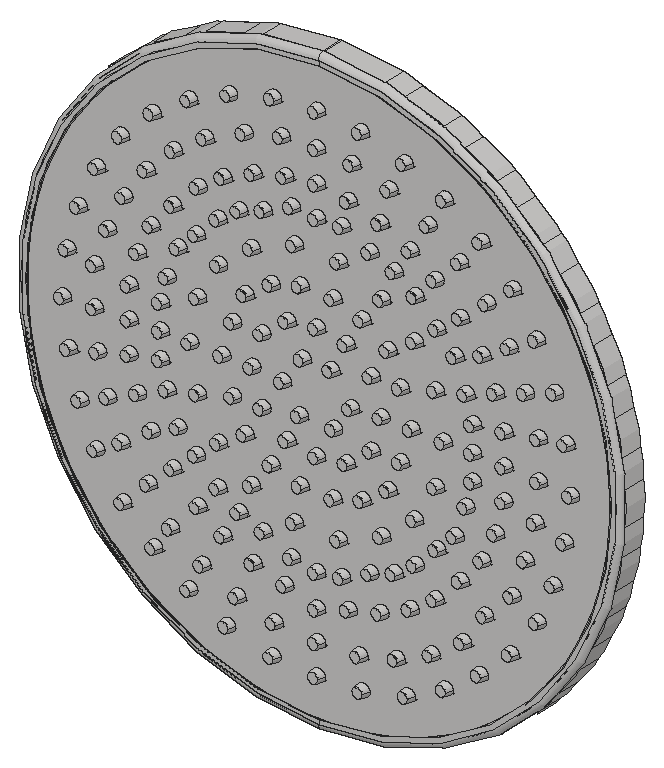
Revit family "52158-25-bim", category Plumbing Fixtures, host Face, Revit 2014 (continued)
Automatic sketch dimensions
  radius of Blend 86 sketch curve = 0.14299"
  radius of Blend 86 sketch curve = 0.09774"
  radius of Blend 87 sketch curve = 0.14299"
  radius of Blend 87 sketch curve = 0.09774"
  radius of Blend 88 sketch curve = 0.14299"
  radius of Blend 88 sketch curve = 0.09774"
  radius of Blend 89 sketch curve = 0.14299"
  radius of Blend 89 sketch curve = 0.09774"
  radius of Blend 90 sketch curve = 0.14299"
  radius of Blend 90 sketch curve = 0.09774"
  radius of Blend 91 sketch curve = 0.14299"
  radius of Blend 91 sketch curve = 0.09774"
  radius of Blend 92 sketch curve = 0.14299"
  radius of Blend 92 sketch curve = 0.09774"
  radius of Blend 93 sketch curve = 0.14299"
  radius of Blend 93 sketch curve = 0.09774"
  radius of Blend 94 sketch curve = 0.14299"
  radius of Blend 94 sketch curve = 0.09774"
  radius of Blend 95 sketch curve = 0.14299"
  radius of Blend 95 sketch curve = 0.09774"
  radius of Blend 96 sketch curve = 0.14299"
  radius of Blend 96 sketch curve = 0.09774"
  radius of Blend 97 sketch curve = 0.14299"
  radius of Blend 97 sketch curve = 0.09774"
  radius of Blend 98 sketch curve = 0.14299"
  radius of Blend 98 sketch curve = 0.09774"
  radius of Blend 99 sketch curve = 0.14299"
  radius of Blend 99 sketch curve = 0.09774"
  radius of Blend 100 sketch curve = 0.14299"
  radius of Blend 100 sketch curve = 0.09774"
  radius of Blend 101 sketch curve = 0.14299"
  radius of Blend 101 sketch curve = 0.09774"
  radius of Blend 102 sketch curve = 0.14299"
  radius of Blend 102 sketch curve = 0.09774"
  radius of Blend 103 sketch curve = 0.14299"
  radius of Blend 103 sketch curve = 0.09774"
  radius of Blend 104 sketch curve = 0.14299"
  radius of Blend 104 sketch curve = 0.09774"
  radius of Blend 105 sketch curve = 0.14299"
  radius of Blend 105 sketch curve = 0.09774"
  radius of Blend 106 sketch curve = 0.14299"
  radius of Blend 106 sketch curve = 0.09774"
  radius of Blend 107 sketch curve = 0.14299"
  radius of Blend 107 sketch curve = 0.09774"
  radius of Blend 108 sketch curve = 0.14299"
  radius of Blend 108 sketch curve = 0.09774"
  radius of Blend 109 sketch curve = 0.14299"
  radius of Blend 109 sketch curve = 0.09774"
  radius of Blend 110 sketch curve = 0.14299"
  radius of Blend 110 sketch curve = 0.09774"
  radius of Blend 111 sketch curve = 0.14299"
  radius of Blend 111 sketch curve = 0.09774"
  radius of Blend 112 sketch curve = 0.14299"
  radius of Blend 112 sketch curve = 0.09774"
  radius of Blend 113 sketch curve = 0.14299"
  radius of Blend 113 sketch curve = 0.09774"
  radius of Blend 114 sketch curve = 0.14299"
  radius of Blend 114 sketch curve = 0.09774"
  radius of Blend 115 sketch curve = 0.14299"
  radius of Blend 115 sketch curve = 0.09774"
  radius of Blend 116 sketch curve = 0.14299"
  radius of Blend 116 sketch curve = 0.09774"
  radius of Blend 117 sketch curve = 0.14299"
  radius of Blend 117 sketch curve = 0.09774"
  radius of Blend 118 sketch curve = 0.14299"
  radius of Blend 118 sketch curve = 0.09774"
  radius of Blend 119 sketch curve = 0.14299"
  radius of Blend 119 sketch curve = 0.09774"
  radius of Blend 120 sketch curve = 0.14299"
  radius of Blend 120 sketch curve = 0.09774"
  radius of Blend 121 sketch curve = 0.14299"
  radius of Blend 121 sketch curve = 0.09774"
  radius of Blend 122 sketch curve = 0.14299"
  radius of Blend 122 sketch curve = 0.09774"
  radius of Blend 123 sketch curve = 0.14299"
  radius of Blend 123 sketch curve = 0.09774"
  radius of Blend 124 sketch curve = 0.14299"
  radius of Blend 124 sketch curve = 0.09774"
  radius of Blend 125 sketch curve = 0.14299"
  radius of Blend 125 sketch curve = 0.09774"
  radius of Blend 126 sketch curve = 0.14299"
  radius of Blend 126 sketch curve = 0.09774"
  radius of Blend 127 sketch curve = 0.14299"
  radius of Blend 127 sketch curve = 0.09774"
  radius of Blend 128 sketch curve = 0.14299"
  radius of Blend 128 sketch curve = 0.09774"
  radius of Blend 129 sketch curve = 0.14299"
  radius of Blend 129 sketch curve = 0.09774"
  radius of Blend 130 sketch curve = 0.14299"
  radius of Blend 130 sketch curve = 0.09774"
  radius of Blend 131 sketch curve = 0.14299"
  radius of Blend 131 sketch curve = 0.09774"
  radius of Blend 132 sketch curve = 0.14299"
  radius of Blend 132 sketch curve = 0.09774"
  radius of Blend 133 sketch curve = 0.14299"
  radius of Blend 133 sketch curve = 0.09774"
  radius of Blend 134 sketch curve = 0.14299"
  radius of Blend 134 sketch curve = 0.09774"
  radius of Blend 135 sketch curve = 0.14299"
  radius of Blend 135 sketch curve = 0.09774"
  radius of Blend 136 sketch curve = 0.14299"
  radius of Blend 136 sketch curve = 0.09774"
  radius of Blend 137 sketch curve = 0.14299"
  radius of Blend 137 sketch curve = 0.09774"
  radius of Blend 138 sketch curve = 0.14299"
  radius of Blend 138 sketch curve = 0.09774"
  radius of Blend 139 sketch curve = 0.14299"
  radius of Blend 139 sketch curve = 0.09774"
  radius of Blend 140 sketch curve = 0.14299"
  radius of Blend 140 sketch curve = 0.09774"
  radius of Blend 141 sketch curve = 0.14299"
  radius of Blend 141 sketch curve = 0.09774"
  radius of Blend 142 sketch curve = 0.14299"
  radius of Blend 142 sketch curve = 0.09774"
  radius of Blend 143 sketch curve = 0.14299"
  radius of Blend 143 sketch curve = 0.09774"
  radius of Blend 144 sketch curve = 0.14299"
  radius of Blend 144 sketch curve = 0.09774"
  radius of Blend 145 sketch curve = 0.14299"
  radius of Blend 145 sketch curve = 0.09774"
  radius of Blend 146 sketch curve = 0.14299"
  radius of Blend 146 sketch curve = 0.09774"
  radius of Blend 147 sketch curve = 0.14299"
  radius of Blend 147 sketch curve = 0.09774"
  radius of Blend 148 sketch curve = 0.14299"
  radius of Blend 148 sketch curve = 0.09774"
  radius of Blend 149 sketch curve = 0.14299"
  radius of Blend 149 sketch curve = 0.09774"
  radius of Blend 150 sketch curve = 0.14299"
  radius of Blend 150 sketch curve = 0.09774"
  radius of Blend 151 sketch curve = 0.14299"
  radius of Blend 151 sketch curve = 0.09774"
  radius of Blend 152 sketch curve = 0.14299"
  radius of Blend 152 sketch curve = 0.09774"
  radius of Blend 153 sketch curve = 0.14299"
  radius of Blend 153 sketch curve = 0.09774"
  radius of Blend 154 sketch curve = 0.14299"
  radius of Blend 154 sketch curve = 0.09774"
  radius of Blend 155 sketch curve = 0.14299"
  radius of Blend 155 sketch curve = 0.09774"
  radius of Blend 156 sketch curve = 0.14299"
  radius of Blend 156 sketch curve = 0.09774"
  radius of Blend 157 sketch curve = 0.14299"
  radius of Blend 157 sketch curve = 0.09774"
  radius of Blend 158 sketch curve = 0.14299"
  radius of Blend 158 sketch curve = 0.09774"
  radius of Blend 159 sketch curve = 0.14299"
  radius of Blend 159 sketch curve = 0.09774"
  radius of Blend 160 sketch curve = 0.14299"
  radius of Blend 160 sketch curve = 0.09774"
  radius of Blend 161 sketch curve = 0.14299"
  radius of Blend 161 sketch curve = 0.09774"
  radius of Blend 162 sketch curve = 0.14299"
  radius of Blend 162 sketch curve = 0.09774"
  radius of Blend 163 sketch curve = 0.14299"
  radius of Blend 163 sketch curve = 0.09774"
  radius of Blend 164 sketch curve = 0.14299"
  radius of Blend 164 sketch curve = 0.09774"
  radius of Blend 165 sketch curve = 0.14299"
  radius of Blend 165 sketch curve = 0.09774"
  radius of Blend 166 sketch curve = 0.14299"
  radius of Blend 166 sketch curve = 0.09774"
  radius of Blend 167 sketch curve = 0.14299"
  radius of Blend 167 sketch curve = 0.09774"
  radius of Blend 168 sketch curve = 0.14299"
  radius of Blend 168 sketch curve = 0.09774"
  radius of Blend 169 sketch curve = 0.14299"
  radius of Blend 169 sketch curve = 0.09774"
  radius of Blend 170 sketch curve = 0.14299"
  radius of Blend 170 sketch curve = 0.09774"
  radius of Blend 171 sketch curve = 0.14299"
  radius of Blend 171 sketch curve = 0.09774"
  radius of Blend 173 sketch curve = 0.14299"
  radius of Blend 173 sketch curve = 0.09774"
  radius of Blend 174 sketch curve = 0.14299"
  radius of Blend 174 sketch curve = 0.09774"
  radius of Blend 175 sketch curve = 0.14299"
  radius of Blend 175 sketch curve = 0.09774"
  radius of Blend 176 sketch curve = 0.14299"
  radius of Blend 176 sketch curve = 0.09774"
  radius of Blend 177 sketch curve = 0.14299"
  radius of Blend 177 sketch curve = 0.09774"
  radius of Blend 178 sketch curve = 0.14299"
  radius of Blend 178 sketch curve = 0.09774"
  radius of Blend 179 sketch curve = 0.14299"
  radius of Blend 179 sketch curve = 0.09774"
  radius of Blend 180 sketch curve = 0.14299"
  radius of Blend 180 sketch curve = 0.09774"
  radius of Blend 181 sketch curve = 0.14299"
  radius of Blend 181 sketch curve = 0.09774"
  radius of Blend 182 sketch curve = 0.14299"
  radius of Blend 182 sketch curve = 0.09774"
  radius of Blend 183 sketch curve = 0.14299"
  radius of Blend 183 sketch curve = 0.09774"
  radius of Blend 184 sketch curve = 0.14299"
  radius of Blend 184 sketch curve = 0.09774"
  radius of Blend 185 sketch curve = 0.14299"
  radius of Blend 185 sketch curve = 0.09774"
  radius of Blend 186 sketch curve = 0.14299"
  radius of Blend 186 sketch curve = 0.09774"
  radius of Blend 187 sketch curve = 0.14299"
  radius of Blend 187 sketch curve = 0.09774"
  radius of Blend 188 sketch curve = 0.14299"
  radius of Blend 188 sketch curve = 0.09774"
  radius of Blend 189 sketch curve = 0.14299"
  radius of Blend 189 sketch curve = 0.09774"
  radius of Blend 190 sketch curve = 0.14299"
  radius of Blend 190 sketch curve = 0.09774"
  radius of Blend 191 sketch curve = 0.14299"
  radius of Blend 191 sketch curve = 0.09774"
  radius of Blend 192 sketch curve = 0.14299"
  radius of Blend 192 sketch curve = 0.09774"
  radius of Blend 193 sketch curve = 0.14299"
  radius of Blend 193 sketch curve = 0.09774"
  radius of Blend 194 sketch curve = 0.14299"
  radius of Blend 194 sketch curve = 0.09774"
  radius of Blend 195 sketch curve = 0.14299"
  radius of Blend 195 sketch curve = 0.09774"
  radius of Blend 196 sketch curve = 0.14299"
  radius of Blend 196 sketch curve = 0.09774"
  radius of Blend 197 sketch curve = 0.14299"
  radius of Blend 197 sketch curve = 0.09774"
  radius of Blend 198 sketch curve = 0.14299"
  radius of Blend 198 sketch curve = 0.09774"
  radius of Blend 199 sketch curve = 0.14299"
  radius of Blend 199 sketch curve = 0.09774"
  radius of Blend 200 sketch curve = 0.14299"
  radius of Blend 200 sketch curve = 0.09774"
  radius of Blend 201 sketch curve = 0.14299"
  radius of Blend 201 sketch curve = 0.09774"
